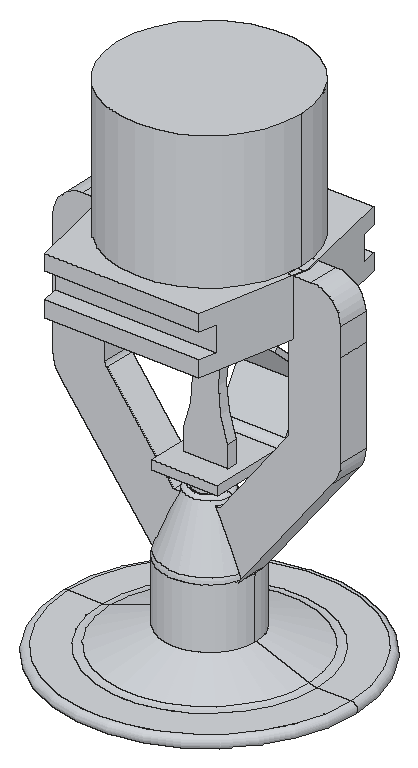
Revit family
Parameters (values of type "RASCO JL112 PENDENT")
  Temperature Rating = 165 °F
  Response = 1
  RASCO SIN # = "R7216"
  RASCO Part # = "JL112P1C"
  Pressure Rating = "175 PSI"
  Pressure Class = (empty or 0)
  Orifice Size = 3/4"
  Orifice = (empty or 0)
  Model = "JL112"
  Manufacturer = "RASCO"
  K-Factor = 11.2
  Description = "CHROME FINISH"
  Coverage = (empty or 0)
Reference planes (in)
  plane 1 "Center (Front/Back)": y = 0
  plane 2: z = 0
  plane 3 "Center (Left/Right)": x = 0
Nested families (in)
  nested 1: "JL112P1C" at (0, 0, 3.46776) x (-1, 0, 0) z (0, 0, -1), type "RASCO JL112 PENDENT"
Connectors (in)
  piping at (0, 0, 3.46776)
    settings: on nested 1, index 1, connector radius 1/2", flow factor 0, pipe flow 0 GPM, pressure drop 0.00 psi, fitting loss kfactor 0, connector angle 0.00°, fixture units 0, flow configuration 0, flow direction 0, fitting loss method 0, system type 7, connector reference index -1, connector utility 0, adjustable connector no, is connector primary yes, fitting loss table "", connector description ""
Definition of nested family "JL112P1C"
  Parameters (values of type "RASCO JL112 PENDENT")
    Type Comments = ""
    Temperature Rating = 0 °F
    Response = (empty or 0)
    Pressure Rating = "0"
    Pressure Class = (empty or 0)
    Orifice Size = 0"
    Orifice = (empty or 0)
    Model = ""
    Manufacturer = ""
    K-Factor = 0
    Description = ""
    Coverage = (empty or 0)
    Assembly Code = ""
  Reference planes (in)
    plane 1 "Center (Front/Back)": y = 0
    plane 2: z = 0
    plane 3 "REF.1": z = 0.773
    plane 4 "top": z = 2.8125
    plane 5: x = -0.81624
    plane 6: x = 0.81332
    plane 7 "ref.2": z = 2.098
    plane 8 "head": z = 2.6725
    plane 9 "left/right center": x = 0
    plane 10 "screw": z = 1.98251
    plane 11 "link2": through (0, -0.02489, 1.21079) normal (0, 0.6767, -0.7363)
    plane 12: z = 2.95
  Forms (in)
    Extrusion 1, solid
      sketch origin (0, 0, 0) x (1, 0, 0) y (0, 1, 0)
        loop
          circle (0, 0) r 0.5221
      from 0 to 0.773
    Extrusion 2, solid
      sketch origin (0, 0, 0.773) x (-1, 0, 0) y (0, -1, 0)
        loop
          line (-0.43619, -0.62052) -> (0.4375, -0.62052) -> (0.56391, 0) -> (0.4375, 0.62052) -> (-0.43619, 0.62052) -> (-0.56259, 0) -> (-0.43619, -0.62052)
      from 0 to 0.325
    Extrusion 3, void
      sketch origin (0, 0, 0) x (1, 0, 0) y (0, 0, 1)
        loop
          line (-0.56391, 1.00774) -> (-0.56391, 0.86298) -> (0.56259, 0.86298) -> (0.56259, 1.00774) -> (-0.56391, 1.00774)
      from 0.52148 to 0.62052
    Extrusion 4, solid
      sketch origin (0, 0, 0) x (1, 0, 0) y (0, 0, 1)
        loop
          line (-0.5221, 0.773) -> (-0.5221, 1.098) -> (-0.5221, 1.58091)
          arc (-0.5221, 1.58091) -> (-0.5194, 1.59708) -> (-0.51161, 1.61149) r 0.04979
          line (-0.51161, 1.61149) -> (-0.13316, 2.098) -> (-0.00066, 2.098) -> (0.13184, 2.098) -> (0.5115, 1.61158)
          arc (0.5115, 1.61158) -> (0.51938, 1.59706) -> (0.5221, 1.58077) r 0.05007
          line (0.5221, 1.58077) -> (0.5221, 1.098) -> (0.5221, 0.773) -> (0.64763, 0.773)
          arc (0.64763, 0.773) -> (0.76676, 0.82234) -> (0.8161, 0.94147) r 0.16847
          line (0.8161, 0.94147) -> (0.8161, 1.098) -> (0.8161, 1.63725)
          arc (0.8161, 1.63725) -> (0.80631, 1.69579) -> (0.77801, 1.74796) r 0.17993
          line (0.77801, 1.74796) -> (0.18552, 2.50706) -> (-0.18743, 2.50706) -> (-0.77818, 1.74764)
          arc (-0.77818, 1.74764) -> (-0.80636, 1.69554) -> (-0.8161, 1.63712) r 0.18
          line (-0.8161, 1.63712) -> (-0.8161, 1.098) -> (-0.8161, 0.94094)
          arc (-0.8161, 0.94094) -> (-0.76691, 0.82219) -> (-0.64816, 0.773) r 0.16794
          line (-0.64816, 0.773) -> (-0.5221, 0.773)
      from -0.08649 to 0.08732
    Extrusion 5, void
      sketch origin (0.00728, 1.142, 0) x (1, 0, 0) y (0, 0, 1)
        loop
          line (-0.56391, 1.00774) -> (-0.56391, 0.86298) -> (0.56259, 0.86298) -> (0.56259, 1.00774) -> (-0.56391, 1.00774)
      from 0.52148 to 0.62052
    Revolve 6, solid
      sketch origin (0, 0, 0) x (1, 0, 0) y (0, 0, 1)
        loop
          line (-0.00066, 2.8125) -> (-0.24139, 2.8125)
          arc (-0.24139, 2.8125) -> (-0.25522, 2.80677) -> (-0.26095, 2.79293) r 0.01957
          line (-0.26095, 2.79293) -> (-0.26095, 2.42899)
          arc (-0.26095, 2.42899) -> (-0.25939, 2.41285) -> (-0.25476, 2.3973) r 0.08419
          line (-0.25476, 2.3973) -> (-0.12582, 2.07995)
          arc (-0.12582, 2.07995) -> (-0.11591, 2.06775) -> (-0.10088, 2.06316) r 0.02692
          line (-0.10088, 2.06316) -> (-0.00066, 2.06316) -> (-0.00066, 2.8125)
        axis (-0.00066, 2.8125) -> (-0.00066, 2.06316)
      angle from 0 to 360
    Extrusion 7, solid
      sketch origin (0, 0, 2.8125) x (-1, 0, 0) y (0, -1, 0)
        loop
          circle (0.00095, 0) r 0.18173
      from 0 to 0.01153
    Extrusion 8, solid
      sketch origin (0, 0, 0) x (1, 0, 0) y (0, 0, 1)
        loop
          line (-0.00066, 1.098) -> (0.12634, 1.098) -> (0.12634, 1.25094)
          arc (0.12634, 1.25094) -> (0.07205, 1.52876) -> (0.12634, 1.80659) r 0.738
          line (0.12634, 1.80659) -> (0.12634, 1.9285) -> (-0.12716, 1.9285) -> (-0.12716, 1.80659)
          arc (-0.12716, 1.80659) -> (-0.07288, 1.52876) -> (-0.12716, 1.25094) r 0.73821
          line (-0.12716, 1.25094) -> (-0.12716, 1.098) -> (-0.00066, 1.098)
      from -0.02698 to 0.02489
    Extrusion 9, solid
      sketch origin (0, 0, 0) x (0, 0, -1) y (0, -1, 0)
        loop
          line (-1.92851, 0.17394) -> (-1.98251, 0.17394) -> (-1.98251, -0.23992)
          arc (-1.98251, -0.23992) -> (-1.96437, -0.3088) -> (-1.91467, -0.35983) r 0.13989
          line (-1.91467, -0.35983) -> (-1.70246, -0.48734)
          arc (-1.70246, -0.48734) -> (-1.69224, -0.50115) -> (-1.69478, -0.51815) r 0.02246
          line (-1.69478, -0.51815) -> (-1.72641, -0.57081) -> (-1.68013, -0.59862) -> (-1.63469, -0.52299)
          arc (-1.63469, -0.52299) -> (-1.62907, -0.4854) -> (-1.65167, -0.45485) r 0.04966
          line (-1.65167, -0.45485) -> (-1.89842, -0.30659)
          arc (-1.89842, -0.30659) -> (-1.92047, -0.28396) -> (-1.92851, -0.25341) r 0.06204
          line (-1.92851, -0.25341) -> (-1.92851, 0.17394)
      from -0.18664 to 0.18723
    Extrusion 10, solid
      sketch origin (0, 0, 1.98251) x (-1, 0, 0) y (0, -1, 0)
        loop
          circle (0, 0) r 0.087
      from 0 to 0.0806
    Extrusion 11, solid
      sketch origin (0, -0.61464, 0.66881) x (0, -0.736298, -0.676658) y (-1, 0, 0)
        loop
          line (-0.69009, 0.00066) -> (-0.69009, 0.24966) -> (-0.83009, 0.38966) -> (-1.45483, 0.38966) -> (-1.59483, 0.24966) -> (-1.59483, -0.24834) -> (-1.45483, -0.38834) -> (-0.83009, -0.38834) -> (-0.69009, -0.24834) -> (-0.69009, 0.00066)
      from -0.02887 to 0
    Revolve 12, solid
      sketch origin (0, 0, 0) x (1, 0, 0) y (0, 0, 1)
        loop
          arc (-0.80122, 2.885) -> (-0.83852, 2.91496) -> (-0.80594, 2.95) r 0.03267
          line (-0.80594, 2.95) -> (-0.60991, 2.95)
          arc (-0.60991, 2.95) -> (-0.57643, 2.94718) -> (-0.5439, 2.93879) r 0.2
          line (-0.5439, 2.93879) -> (-0.19802, 2.81786)
          arc (-0.19802, 2.81786) -> (-0.18245, 2.81385) -> (-0.16643, 2.8125) r 0.09569
          line (-0.16643, 2.8125) -> (-0.00095, 2.8125) -> (-0.00095, 2.7475) -> (-0.1684, 2.7475)
          arc (-0.1684, 2.7475) -> (-0.19336, 2.7496) -> (-0.21761, 2.75585) r 0.14908
          line (-0.21761, 2.75585) -> (-0.56462, 2.87718)
          arc (-0.56462, 2.87718) -> (-0.58732, 2.88303) -> (-0.61069, 2.885) r 0.13958
          line (-0.61069, 2.885) -> (-0.80604, 2.885)
        axis (0, 2.95) -> (0, 2.7475)
      angle from 0 to 360
  Cuts and joins
    Extrusion 3, Extrusion 5 cuts Extrusion 2
  Dimensions and locks (in)
    plane 12 to level = 0' - 2.95"
